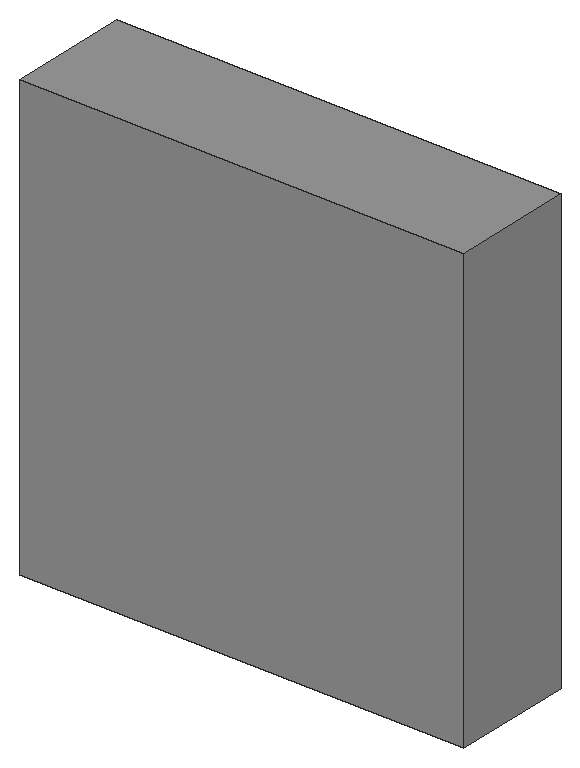
Revit family "SHG_Ampel_V1700", category Sicherheitsgeräte, Revit 2017
Family settings
  Beschriftungsausrichtung beibehalten = Nein
  Bemaßung runder Anschluss = Durchmesser verwenden
  Teiletyp = Normal
  OmniClass-Nummer = 23.85.30.11
  OmniClass-Titel = Access Controls
  Arbeitsebenenbasiert = Nein
  Immer vertikal = Ja
  Beim Laden mit Abzugskörper schneiden = Ja
  Gemeinsam genutzt = Nein
  Raumberechnungspunkt = Nein
Parameters (values of type "Ampel")
  pbr_Material_KZ = ""
  pbr_Material = none
  pbr_E_Typ = ""
  pbr_E_KZ = ""
  pbr_DINBild = 0
  pbr_Bild = 0
  pbr_3Dx_Delta_Korrekturversatz [instance] = 0 mm
  pbr_3DX_Versatzfaktor [instance] = 0
  pbr_2DY_Versatzfaktor [instance] = 0
  pbr_2DX_Versatzfaktor [instance] = 0
  lfd_STRK [instance] = 0
  cpiFitMatchKey [instance] = "E-ZK ZK"
  Zentrale [instance] = ""
  Typ [instance] = ""
  Tiefe = 37 mm
  Text3 [instance] = ""
  Text2 [instance] = ""
  Text1 [instance] = ""
  Planungsbüro Rohling = "www.pbr.de"
  Netzart = ""
  Menge(Dosenzahl) [instance] = 0
  Länge = 135 mm
  Linie/Anschluss [instance] = ""
  Linie [instance] = ""
  Lastklassifizierung = none
  Installationsart [instance] = ""
  Info [instance] = ""
  Gewerk [instance] = "ZK"
  Eckversatz [instance] = 0 mm
  YFrontversatz [instance] = if(pbr_2DY_Versatzfaktor = 300, 0 mm, pbr_2DY_Versatzfaktor * 300 mm)  # 0 mm
  XSeitenversatz [instance] = if(pbr_2DX_Versatzfaktor = 0, 3000 mm, 3000 mm + (pbr_2DX_Versatzfaktor * 300 mm)) + Eckversatz  # 3000 mm
  X3Dversatz [instance] = if([3DX_Versatzkontrolle] = 0, 2000 mm, 2000 mm + ([3DX_Versatzkontrolle] * (300 mm - Breite))) + pbr_3Dx_Delta_Korrekturversatz  # 2000 mm
  Niveau [instance] = 1200 mm
  Bus [instance] = ""
  Breite = 135 mm
  Betriebsstrom ruhe [instance] = 0
  Betriebsstrom max [instance] = 0
  Ampel = yes
  3DX_Versatzkontrolle [instance] = if(pbr_3DX_Versatzfaktor = 0, (pbr_2DX_Versatzfaktor * -1), (((-1 * pbr_3DX_Versatzfaktor) + pbr_2DX_Versatzfaktor) * -1))  # 0
  3DX_Versatz [instance] = if([3DX_Versatzkontrolle] = 0, 2000 mm, 2000 mm + ([3DX_Versatzkontrolle] * (300 mm - Breite))) + pbr_3Dx_Delta_Korrekturversatz  # 2000 mm
Reference planes
  plane 1 "Mitte (Vorne/Hinten)": y = 0
  plane 2: z = 0
  plane 3 "Mitte (Links/Rechts)": x = 22.5
  plane 4: x = -127.5
  plane 5: x = 172.5
  plane 6: y = 300
  plane 7 "Schalterhinten": y = 0
  plane 8: x = -2977.5
  plane 9: x = 22.5
  plane 10: x = -1977.5
  plane 11: x = -45
  plane 12: x = 90
  plane 13: z = 1267.5
  plane 14: z = 1132.5
  plane 15 "SchalterVorne": y = 37
  plane 16 "3DMitte": x = 22.5
  plane 17 "Achse": z = 1200
  plane 18: z = 1225
  plane 19: z = 1175
  plane 20 "2DMitte": y = 150
Forms (mm)
  Extrusion 1, solid, material "Stahl, weich, geschweißt"
    sketch origin (0, 20, 0) x (0, 0, 1) y (-1, 0, 0)
      loop
        line (1132.5, 45) -> (1132.5, -90) -> (1267.5, -90) -> (1267.5, 45) -> (1132.5, 45)
    from -17 to 20
Dimensions and locks
  locked: plane 6 to plane 7 "Schalterhinten" at 300
  "XSeitenversatz": plane 8 to plane 9
  plane 8 to plane 3 "Mitte (Links/Rechts)" = 3000 mm
  "YFrontversatz": plane 1 "Mitte (Vorne/Hinten)" to plane 7 "Schalterhinten"
  "Breite": plane 12 to plane 11
  "Länge": plane 13 to plane 14
  plane 9 to plane 10 = 2000 mm
  equal spacing: plane 12, plane 16 "3DMitte", plane 11
  equal spacing: plane 13, plane 17 "Achse", plane 14
  "Niveau": plane 17 "Achse" to level
  "Tiefe": plane 15 "SchalterVorne" to plane 1 "Mitte (Vorne/Hinten)"
  plane 13 to plane 18 = 42.5 mm
  plane 19 to plane 14 = 42.5 mm
  equal spacing: plane 4, plane 9, plane 5, locked at 150 each
  locked: plane 4 to plane 5 at 300
  equal spacing: plane 6, plane 20 "2DMitte", plane 7 "Schalterhinten", locked at 150 each
  locked: plane 9 to plane 10 at 2000
  "3DX_Versatz": plane 3 "Mitte (Links/Rechts)" to plane 10
  aligned and locked: level to plane 2
  aligned and locked: Extrusion 1 sketch curve to plane 14
  aligned and locked: Extrusion 1 sketch curve to plane 11
  aligned and locked: Extrusion 1 sketch curve to plane 13
  aligned and locked: plane 12 to Extrusion 1 sketch curve
  aligned and locked: plane 1 "Mitte (Vorne/Hinten)" to Extrusion 1
  aligned and locked: Extrusion 1 to plane 15 "SchalterVorne"
  aligned and locked: nested 1 to plane 9
  aligned and locked: nested 1 to plane 7 "Schalterhinten"
Nested families
  nested 1: "Ampel" at (22.5, 0, 0), visible <- "Ampel", type "Ampel"
Connectors
  electrical at (22.5, 0, 1200)
    settings: on Extrusion 1, index 1, voltage 0 V, apparent load 0 VA, apparent load phase1 0 VA, apparent load phase2 0 VA, apparent load phase3 0 VA, power factor 1, load classification "Sonstige", number of poles 1, system type 10, power factor state 1, is connector primary yes, connector utility no, sub classification motor no, connector description ""
Definition of nested family "Ampel"
  Reference planes
    plane 1 "Mitte (Vorne/Hinten)": y = 0
    plane 2: z = 0
    plane 3 "Mitte (Links/Rechts)": x = 0
  Lines and regions (mm)
    detail lines, in view "Referenzebene"
      curve 1: arc (0.929, 40.021, 0) -> (75.969, 115.061, 0) -> (0.929, 190.102, 0) r 75.04
      curve 2: arc (0.929, 190.102, 0) -> (-74.111, 115.061, 0) -> (0.929, 40.021, 0) r 75.04
      curve 3: arc (0.929, 420.224, 0) -> (75.969, 345.184, 0) -> (0.929, 270.144, 0) r 75.04
      curve 4: arc (0.929, 270.144, 0) -> (-74.111, 345.184, 0) -> (0.929, 420.224, 0) r 75.04
      curve 5: line (-124.071, 230.123, 0) -> (125.929, 230.123, 0)
      curve 6: line (125.929, 0, 0) -> (125.929, 460.246, 0)
      curve 7: line (125.929, 460.246, 0) -> (-124.071, 460.246, 0)
      curve 8: line (-124.071, 460.246, 0) -> (-124.071, 0, 0)
      curve 9: line (-124.071, 0, 0) -> (125.929, 0, 0)
      curve 10: line (-124.071, 0, 0) -> (-124.071, 460.246, 0)
      curve 11: line (-124.071, 460.246, 0) -> (125.929, 460.246, 0)
